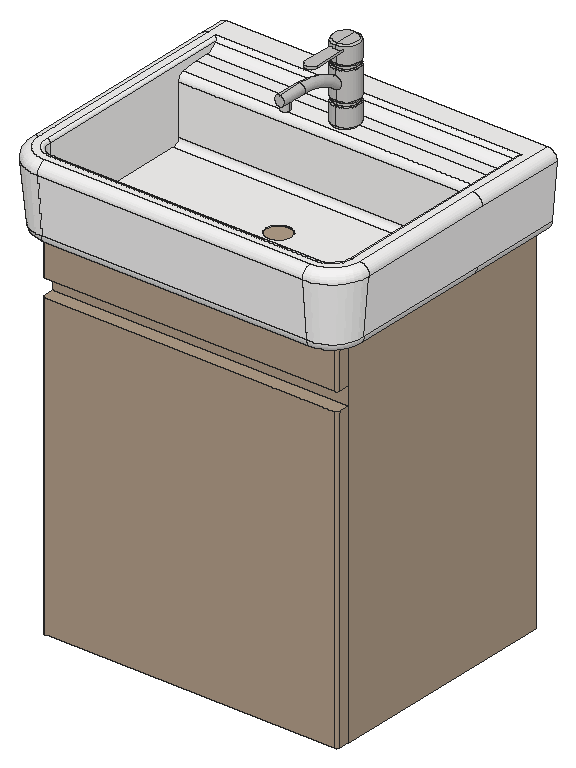
Revit family "CONV_Geberit_StorageUnits_IfoRenovaNr1Plan_55", category Furniture, Revit 2016
Family settings
  OmniClass Number = 23.40.20.21
  OmniClass Title = Toilet and Bath Specialties
  Work Plane-Based = No
  Always vertical = Yes
  Cut with Voids When Loaded = No
  Shared = No
  Room Calculation Point = No
Parameters (values of type "Ifo Renova Nr. 1 Plan Cabinet - 55 cm Elm")
  WashbasinVisibility [instance] = yes
  WarrantyStartDate [instance] = "n/a"
  WarrantyGuarantorParts = "n/a"
  WarrantyGuarantorLabor = "n/a"
  WarrantyDurationUnit = "Year"
  WarrantyDurationParts = "n/a"
  WarrantyDurationLabor = "n/a"
  WarrantyDescription = "n/a"
  VersionDate = "17/04/2018"  # constant formula
  Version = "1"  # constant formula
  Uniclass2015Reference = "Pr_40_30_78_03"
  Uniclass2015Description = "Bathroom cabinets"
  Uniclass2 = "Pr_40_30_78_06"
  URL = "https://www.ifo.se/"
  Type Comments = ""
  TagNumber [instance] = "n/a"
  SustainabilityPerformance = "n/a"
  Style = "n/a"
  Size = "550x440x810 mm"
  Shape = "Rectangular"
  SerialNumber [instance] = "n/a"
  Revision = "n/a"
  ReplacementCost = "n/a"
  ProductURL_SE = "http://www.ifo.se/produkter/mobler/"
  ProductURL_NO = "http://www.ifosanitar.no/produkter/baderomsmbler/"
  ProductURL_DK = "http://www.ifo.dk/produkter/badevrelsesmbler/"
  ProductInformation = "Ifo Renova Nr. 1 plan cabinet in moisture resistant material with soft closing cover that can be right or left mounted. The integrated handle makes the door easy to open. Washbasins are ordered separately."
  NotWashbasin [instance] = not(WashbasinVisibility)  # no
  NominalLength = 550 mm
  NominalHeight = 811.2 mm
  NominalDepth = 440 mm
  Name = "StorageUnits_IfoRenovaNr1Plan_55"
  NBSReference = "45-35-72/318"
  NBSDescription = "Bathroom cabinets"
  ModelReference = "n/a"
  ModelNumber = "44758"
  Material = "Wood, metal"
  ManufacturerURL = "https://www.ifo.se/"
  ManufacturerName = "Ifo (Geberit Group)"
  MainColor = "Wooden"
  InstallationDate [instance] = "n/a"
  ExpiringDate = "12/2018"  # constant formula
  Elevation [instance] = 500 mm
  EANNumber = "7391515443714"
  Description = ""
  Collection = "Ifo Renova"
  Model = "Ifo Renova Nr. 1 Plan Cabinet - 55 cm Elm"
  Manufacturer = "Ifo (Geberit Group)"
  IfcExportType = "CABINET"  # constant formula
  IfcExportAs = "IfcFurnitureType"  # constant formula
  Grade = "n/a"
  Finish = "n/a"
  Features = "n/a"
  ExpectedLife = "n/a"
  DurationUnit = "Year"
  Cost = 0
  ConvergoRefNr = "0132-1802-0008-SE"
  Constituents = "Washbasin sold separately"
  Color = "Wooden"
  CodePerformance = "n/a"
  Category = "Sink Cabinet"
  CabinetTertiaryMaterial = Stainless Steel, Polished
  CabinetSecondaryMaterial = Porcelain, White
  CabinetMainMaterial = Elm
  Brand = "Ifo"
  Barcode [instance] = "n/a"
  BIMObjectName = "CONV_Geberit_StorageUnits_IfoRenovaNr1Plan_55"
  Author = "Convergo AB"  # constant formula
  AssetType = "Fixed"
  AssetIdentifier [instance] = "n/a"
  AccessibilityPerformance = "n/a"
Types (4, lengths in mm): name | ModelNumber | MainColor | EANNumber | Model | Color | CabinetMainMaterial
  (no name) | "44758" | "Wooden" | "7391515443714" | "Ifo Renova Nr. 1 Plan Cabinet - 55 cm Elm" | "Wooden" | Elm
  Ifo Renova Nr. 1 Plan Cabinet - 55 cm White | "44756" | "White" | "7391515443394" | "Ifo Renova Nr. 1 Plan Cabinet - 55 cm White" | "White" | White
  Ifo Renova Nr. 1 Plan Cabinet - 55 cm Grey | "44757" | "Grey" | "7391515443707" | "Ifo Renova Nr. 1 Plan Cabinet - 55 cm Grey" | "Grey" | Grey
  Ifo Renova Nr. 1 Plan Cabinet - 55 cm Elm | "44758" | "Wooden" | "7391515443714" | "Ifo Renova Nr. 1 Plan Cabinet - 55 cm Elm" | "Wooden" | Elm
Reference planes
  plane 1 "Center (Front/Back)": y = 0
  plane 2: z = 0
  plane 3 "Center (Left/Right)": x = 0
  plane 4: z = 500
  plane 5: z = 1311.2
  plane 6: x = -275
  plane 7: x = 275
  plane 8: y = 220
  plane 9: y = -220
Forms (mm)
  Extrusion 1, solid, material "Elm" <- "CabinetMainMaterial", visible <- "WashbasinVisibility", detail levels coarse
    sketch origin (0, 0, 0) x (0, 1, 0) y (0, 0, 1)
      loop
        line (220, 1311.2) -> (-220, 1311.2) -> (-220, 500) -> (220, 500) -> (220, 1311.2)
    from 275 to -275
  Extrusion 2, solid, material "Elm" <- "CabinetMainMaterial", visible <- "NotWashbasin", detail levels coarse
    sketch origin (0, 0, 0) x (1, 0, 0) y (0, 0, 1)
      loop
        line (-240, 1079) -> (-240, 500) -> (240, 500) -> (240, 1079) -> (-240, 1079)
    from 180 to -220
Lines and regions (mm)
  symbolic lines, visible <- "WashbasinVisibility", detail levels medium+fine
    curve 1: line (0, 220, 1198.983) -> (0, 153.259, 1198.983)
    curve 2: arc (0, -214.733, 1198.983) -> (0, -218.457, 1197.441) -> (0, -220, 1193.716) r 5.267
    curve 3: arc (0, -220, 1193.716) -> (0, -217.19, 1137.68) -> (0, -208.788, 1082.206) r 560.115
    curve 4: arc (0, -208.788, 1082.206) -> (0, -207.429, 1079.929) -> (0, -204.946, 1079) r 4.004
    curve 5: line (0, -204.946, 1079) -> (0, -178, 1079)
    curve 6: line (0, 220, 1198.983) -> (0, 220, 1079)
    curve 18: line (-269.469, 0, 1200.722) -> (-21.001, 0, 1200.722)
    curve 19: arc (-271.054, 0, 1200.631) -> (-270.263, 0, 1200.699) -> (-269.469, 0, 1200.722) r 13.8
    curve 20: arc (-275.546, 0, 1195.426) -> (-274.361, 0, 1198.944) -> (-271.054, 0, 1200.631) r 4.917
    curve 21: arc (-265.662, 0, 1083.394) -> (-271.325, 0, 1139.346) -> (-275.546, 0, 1195.426) r 2186.171
    curve 22: arc (-261.166, 0, 1079) -> (-264.229, 0, 1080.363) -> (-265.662, 0, 1083.394) r 4.82
    curve 23: line (-261.166, 0, 1079) -> (-240, 0, 1079)
    curve 26: line (-266.074, 218.891, 0) -> (0, 218.891, 0)
    curve 27: arc (-266.074, 218.891, 0) -> (-271.514, 48.845, 0) -> (-270.087, -121.282, 0) r 4215.207
    curve 28: arc (-229.313, -212.269, 0) -> (-218.633, -214.609, 0) -> (-207.766, -215.807, 0) r 103.39
    curve 39: line (0, 150.851, 1311.2) -> (0, 113.651, 1311.2)
    curve 40: line (0, 150.851, 1311.2) -> (0, 153.251, 1308.8)
    curve 41: line (0, 153.251, 1308.8) -> (0, 153.251, 1282.252)
    curve 42: line (0, 113.651, 1311.2) -> (0, 111.251, 1308.8)
    curve 43: line (0, 111.251, 1308.8) -> (0, 111.251, 1303.955)
    curve 47: line (0, 111.251, 1300.955) -> (0, 111.251, 1282.252)
    curve 48: line (0, 111.251, 1303.955) -> (0, 52.197, 1303.955)
    curve 49: line (0, 52.197, 1303.955) -> (0, 52.197, 1300.955)
    curve 50: line (0, 52.197, 1300.955) -> (0, 111.251, 1300.955)
    curve 51: line (0, 45.868, 1256.325) -> (0, 45.868, 1249.325)
    curve 52: line (0, 45.868, 1249.325) -> (0, 31.875, 1249.325)
    curve 53: line (0, 31.875, 1249.325) -> (0, 31.875, 1256.325)
    curve 54: line (0, 31.875, 1256.325) -> (0, 23.796, 1256.325)
    curve 55: line (0, 23.796, 1256.325) -> (0, 23.796, 1272.325)
    curve 56: line (0, 23.796, 1272.325) -> (0, 64.727, 1272.325)
    curve 57: arc (0, 64.727, 1272.325) -> (0, 88.54, 1269.748) -> (0, 111.251, 1262.137) r 111.325
    curve 58: line (0, 45.868, 1256.325) -> (0, 64.931, 1256.325)
    curve 59: arc (0, 64.931, 1256.325) -> (0, 88.859, 1253.269) -> (0, 111.251, 1244.296) r 95.194
    curve 62: line (0, 111.251, 1262.137) -> (0, 111.251, 1274.212)
    curve 63: line (0, 152.27, 1275.212) -> (0, 151.005, 1275.212)
    curve 64: line (0, 152.251, 1281.252) -> (0, 151.005, 1281.252)
    curve 65: arc (0, 153.251, 1282.252) -> (0, 152.958, 1281.545) -> (0, 152.251, 1281.252) r 1
    curve 66: line (0, 153.27, 1274.212) -> (0, 153.27, 1228.203)
    curve 67: line (0, 153.259, 1198.983) -> (0, 153.259, 1220.218)
    curve 68: line (0, 152.259, 1221.218) -> (0, 151.036, 1221.218)
    curve 69: line (0, 111.283, 1198.983) -> (0, 111.283, 1220.218)
    curve 70: arc (0, 153.259, 1220.218) -> (0, 152.966, 1220.925) -> (0, 152.259, 1221.218) r 1
    curve 71: arc (0, 112.283, 1221.218) -> (0, 111.576, 1220.925) -> (0, 111.283, 1220.218) r 1
    curve 72: arc (0, 153.27, 1274.212) -> (0, 152.977, 1274.919) -> (0, 152.27, 1275.212) r 1
    curve 73: arc (0, 111.251, 1274.212) -> (0, 111.543, 1274.919) -> (0, 112.251, 1275.212) r 1
    curve 74: arc (0, 112.251, 1281.252) -> (0, 111.543, 1281.545) -> (0, 111.251, 1282.252) r 1
    curve 75: line (0, 111.251, 1244.296) -> (0, 111.251, 1228.203)
    curve 76: line (0, 112.251, 1227.203) -> (0, 113.603, 1227.203)
    curve 77: arc (0, 112.251, 1227.203) -> (0, 111.543, 1227.496) -> (0, 111.251, 1228.203) r 1
    curve 78: arc (0, 152.27, 1227.203) -> (0, 152.977, 1227.496) -> (0, 153.27, 1228.203) r 1
    curve 79: line (0, 151.036, 1227.203) -> (0, 151.036, 1221.218)
    curve 80: line (0, 113.603, 1227.203) -> (0, 113.603, 1221.218)
    curve 81: line (0, 151.005, 1281.252) -> (0, 151.005, 1275.212)
    curve 82: line (0, 113.655, 1281.252) -> (0, 113.655, 1275.212)
    curve 84: line (0, 113.655, 1281.252) -> (0, 112.251, 1281.252)
    curve 86: line (0, 113.655, 1275.212) -> (0, 112.251, 1275.212)
    curve 88: line (0, 151.036, 1227.203) -> (0, 152.27, 1227.203)
    curve 90: line (0, 113.603, 1221.218) -> (0, 112.283, 1221.218)
    curve 92: line (0, 111.283, 1198.983) -> (0, -214.733, 1198.983)
    curve 94: line (-18.6, 0, 1311.213) -> (-21, 0, 1308.813)
    curve 96: line (-21, 0, 1308.813) -> (-21, 0, 1282.25)
    curve 97: line (-20, 0, 1281.25) -> (-18.68, 0, 1281.25)
    curve 98: line (-21.01, 0, 1274.298) -> (-21.01, 0, 1228.24)
    curve 99: line (-20.01, 0, 1227.24) -> (-18.645, 0, 1227.24)
    curve 100: line (-20.001, 0, 1221.269) -> (-18.645, 0, 1221.269)
    curve 101: line (-21.001, 0, 1220.269) -> (-21.001, 0, 1200.722)
    curve 102: arc (-21.001, 0, 1220.269) -> (-20.709, 0, 1220.976) -> (-20.001, 0, 1221.269) r 1
    curve 103: arc (-20.01, 0, 1227.24) -> (-20.717, 0, 1227.533) -> (-21.01, 0, 1228.24) r 1
    curve 104: arc (-21.01, 0, 1274.298) -> (-20.717, 0, 1275.005) -> (-20.01, 0, 1275.298) r 1
    curve 105: arc (-20, 0, 1281.25) -> (-20.707, 0, 1281.543) -> (-21, 0, 1282.25) r 1
    curve 108: line (-18.645, 0, 1227.24) -> (-18.645, 0, 1221.269)
    curve 109: line (-18.68, 0, 1281.25) -> (-18.68, 0, 1275.298)
    curve 110: line (-18.68, 0, 1275.298) -> (-20.01, 0, 1275.298)
    curve 127: line (-18.6, 0, 1311.213) -> (18.6, 0, 1311.213)
    curve 128: arc (271.054, 0, 1200.631) -> (270.263, 0, 1200.699) -> (269.469, 0, 1200.722) r 13.8
    curve 129: arc (275.546, 0, 1195.426) -> (274.361, 0, 1198.944) -> (271.054, 0, 1200.631) r 4.917
    curve 130: arc (265.662, 0, 1083.394) -> (271.325, 0, 1139.346) -> (275.546, 0, 1195.426) r 2186.171
    curve 131: arc (261.166, 0, 1079) -> (264.229, 0, 1080.363) -> (265.662, 0, 1083.394) r 4.82
    curve 132: line (261.166, 0, 1079) -> (240, 0, 1079)
    curve 136: line (18.6, 0, 1311.213) -> (21, 0, 1308.813)
    curve 138: line (21, 0, 1308.813) -> (21, 0, 1282.25)
    curve 139: line (20, 0, 1281.25) -> (18.68, 0, 1281.25)
    curve 140: line (21.01, 0, 1274.298) -> (21.01, 0, 1228.24)
    curve 141: line (20.01, 0, 1227.24) -> (18.645, 0, 1227.24)
    curve 142: line (20.001, 0, 1221.269) -> (18.645, 0, 1221.269)
    curve 143: line (21.001, 0, 1220.269) -> (21.001, 0, 1200.722)
    curve 144: arc (21.001, 0, 1220.269) -> (20.709, 0, 1220.976) -> (20.001, 0, 1221.269) r 1
    curve 145: arc (20.01, 0, 1227.24) -> (20.717, 0, 1227.533) -> (21.01, 0, 1228.24) r 1
    curve 146: arc (21.01, 0, 1274.298) -> (20.717, 0, 1275.005) -> (20.01, 0, 1275.298) r 1
    curve 147: arc (20, 0, 1281.25) -> (20.707, 0, 1281.543) -> (21, 0, 1282.25) r 1
    curve 150: line (18.645, 0, 1227.24) -> (18.645, 0, 1221.269)
    curve 151: line (18.68, 0, 1281.25) -> (18.68, 0, 1275.298)
    curve 152: line (18.68, 0, 1275.298) -> (20.01, 0, 1275.298)
    curve 153: arc (-207.766, -215.807, 0) -> (0.018, -221.161, 0) -> (207.797, -215.629, 0) r 3968.677
    curve 162: line (21.001, 0, 1200.722) -> (269.469, 0, 1200.722)
    curve 171: arc (-262.768, -178.807, 0) -> (-250.464, -199.96, 0) -> (-229.313, -212.269, 0) r 47.871
    curve 172: arc (-270.087, -121.282, 0) -> (-268.47, -150.304, 0) -> (-262.768, -178.807, 0) r 205.151
    curve 173: line (266.074, 218.891, 0) -> (0, 218.891, 0)
    curve 174: arc (266.074, 218.891, 0) -> (271.514, 48.845, 0) -> (270.087, -121.282, 0) r 4215.207
    curve 192: arc (262.768, -178.807, 0) -> (250.464, -199.96, 0) -> (229.313, -212.269, 0) r 47.871
    curve 193: arc (270.087, -121.282, 0) -> (268.47, -150.304, 0) -> (262.768, -178.807, 0) r 205.151
    curve 194: arc (207.797, -215.629, 0) -> (218.641, -214.499, 0) -> (229.313, -212.269, 0) r 106.811
  symbolic lines, detail levels medium+fine
    curve 7: line (0, 220, 500) -> (0, -157, 500)
    curve 8: line (0, -157, 989) -> (0, -178, 989)
    curve 10: line (0, -157, 1019) -> (0, -178, 1019)
    curve 11: line (0, -180, 1077) -> (0, -180, 1021)
    curve 12: arc (0, -180, 1021) -> (0, -179.414, 1019.586) -> (0, -178, 1019) r 2
    curve 13: arc (0, -178, 1079) -> (0, -179.414, 1078.414) -> (0, -180, 1077) r 2
    curve 14: line (0, -180, 987) -> (0, -180, 502)
    curve 15: line (0, -157, 500) -> (0, -178, 500)
    curve 16: arc (0, -178, 500) -> (0, -179.414, 500.586) -> (0, -180, 502) r 2
    curve 17: arc (0, -178, 989) -> (0, -179.414, 988.414) -> (0, -180, 987) r 2
    curve 24: line (-240, 0, 1079) -> (-240, 0, 502)
    curve 118: line (0, 220, 1079) -> (0, 220, 500)
    curve 133: line (240, 0, 1079) -> (240, 0, 502)
    curve 160: line (0, -157, 989) -> (0, -157, 1019)
    curve 167: line (-238, 0, 500) -> (238, 0, 500)
    curve 169: arc (238, 0, 500) -> (239.414, 0, 500.586) -> (240, 0, 502) r 2
    curve 170: arc (-238, 0, 500) -> (-239.414, 0, 500.586) -> (-240, 0, 502) r 2
  symbolic lines, visible <- "NotWashbasin", detail levels medium+fine
    curve 9: line (0, -157, 1079) -> (0, -178, 1079)
    curve 93: line (0, 220, 1079) -> (0, -157, 1079)
    curve 114: line (-240, 218.891, 0) -> (0, 218.891, 0)
    curve 154: line (-240, 218.891, 0) -> (-240, -157, 0)
    curve 155: line (-240, -157, 0) -> (-240, -175, 0)
    curve 156: line (-235, -180, 0) -> (0, -180, 0)
    curve 157: arc (-240, -175, 0) -> (-238.536, -178.536, 0) -> (-235, -180, 0) r 5
    curve 185: line (240, 218.891, 0) -> (0, 218.891, 0)
    curve 187: line (240, 218.891, 0) -> (240, -157, 0)
    curve 188: line (240, -157, 0) -> (240, -175, 0)
    curve 189: line (235, -180, 0) -> (0, -180, 0)
    curve 190: arc (240, -175, 0) -> (238.536, -178.536, 0) -> (235, -180, 0) r 5
  symbolic lines, detail levels fine
    curve 25: line (-220, 0, 1019) -> (-220, 0, 989)
    curve 38: line (0, -157, 500) -> (0, -157, 989)
    curve 134: line (220, 0, 1019) -> (220, 0, 989)
    curve 135: arc (240, 0, 1076.537) -> (239.279, 0, 1078.279) -> (237.537, 0, 1079) r 2.463
    curve 159: line (0, -157, 1019) -> (0, -157, 1079)
    curve 163: line (-240, 0, 1079) -> (240, 0, 1079)
    curve 165: line (-240, 0, 1019) -> (240, 0, 1019)
    curve 166: line (-240, 0, 989) -> (240, 0, 989)
    curve 168: line (0, -178, 1079) -> (0, -157, 1079)
  symbolic lines, visible <- "WashbasinVisibility", detail levels fine
    curve 29: line (-242.588, 78.127, 0) -> (-242.588, -164.65, 0)
    curve 30: arc (-242.588, -164.65, 0) -> (-235.87, -180.87, 0) -> (-219.65, -187.588, 0) r 22.938
    curve 31: arc (-220.715, 100, 0) -> (-236.181, 93.593, 0) -> (-242.588, 78.127, 0) r 21.873
    curve 32: circle (0, 0, 0) r 22.816 normal (0, 0, 1)
    curve 33: line (-217.478, 183.165, 0) -> (0, 183.165, 0)
    curve 34: arc (-242.644, 157.999, 0) -> (-235.273, 175.794, 0) -> (-217.478, 183.165, 0) r 25.167
    curve 35: line (-242.644, 157.999, 0) -> (-242.644, 82.319, 0)
    curve 36: arc (-242.644, 82.319, 0) -> (-242.619, 80.935, 0) -> (-242.541, 79.553, 0) r 37.209
    curve 37: line (0, -157, 1079) -> (0, 220, 1079)
    curve 44: line (0, 111.251, 1303.955) -> (0, 113.784, 1303.955)
    curve 45: line (0, 113.784, 1303.955) -> (0, 113.784, 1300.955)
    curve 46: line (0, 113.784, 1300.955) -> (0, 111.251, 1300.955)
    curve 60: arc (0, 111.251, 1262.137) -> (0, 112.923, 1253.217) -> (0, 111.251, 1244.296) r 24.624
    curve 61: arc (0, 45.868, 1256.325) -> (0, 38.871, 1260.325) -> (0, 31.875, 1256.325) r 8.118
    curve 83: line (0, 151.005, 1281.252) -> (0, 113.655, 1281.252)
    curve 85: line (0, 151.005, 1275.212) -> (0, 113.655, 1275.212)
    curve 87: line (0, 113.603, 1227.203) -> (0, 151.036, 1227.203)
    curve 89: line (0, 151.036, 1221.218) -> (0, 113.603, 1221.218)
    curve 91: line (0, 153.259, 1198.983) -> (0, 111.283, 1198.983)
    curve 95: line (-10, 0, 1303.969) -> (-10, 0, 1300.969)
    curve 106: arc (0, 0, 1272.338) -> (-8, 0, 1264.338) -> (0, 0, 1256.338) r 8
    curve 107: line (-6.996, 0, 1249.338) -> (-6.996, 0, 1260.459)
    curve 111: arc (0, 153.251, 0) -> (-21, 132.251, 0) -> (0, 111.251, 0) r 21
    curve 112: line (-7.995, 112.832, 0) -> (-7.995, 79.653, 0)
    curve 113: arc (-7.995, 79.653, 0) -> (-5.655, 73.989, 0) -> (0, 71.629, 0) r 8.024
    curve 115: line (-219.65, -187.588, 0) -> (219.65, -187.588, 0)
    curve 116: line (-220.715, 100, 0) -> (-7.995, 100, 0)
    curve 117: line (0, 153.251, 1308.8) -> (0, 111.251, 1308.8)
    curve 119: line (-18.68, 0, 1281.25) -> (18.68, 0, 1281.25)
    curve 120: line (-18.645, 0, 1221.269) -> (18.645, 0, 1221.269)
    curve 121: line (-18.645, 0, 1227.24) -> (18.645, 0, 1227.24)
    curve 122: line (-6.996, 0, 1249.338) -> (6.996, 0, 1249.338)
    curve 123: line (-18.68, 0, 1275.298) -> (18.68, 0, 1275.298)
    curve 124: line (-10, 0, 1300.969) -> (10, 0, 1300.969)
    curve 125: line (-10, 0, 1303.969) -> (10, 0, 1303.969)
    curve 126: line (-21, 0, 1308.813) -> (21, 0, 1308.813)
    curve 137: line (10, 0, 1303.969) -> (10, 0, 1300.969)
    curve 148: arc (0, 0, 1272.338) -> (8, 0, 1264.338) -> (0, 0, 1256.338) r 8
    curve 149: line (6.996, 0, 1249.338) -> (6.996, 0, 1260.459)
    curve 161: line (-21.001, 0, 1200.722) -> (21.001, 0, 1200.722)
    curve 175: line (242.588, 78.127, 0) -> (242.588, -164.65, 0)
    curve 176: arc (242.588, -164.65, 0) -> (235.87, -180.87, 0) -> (219.65, -187.588, 0) r 22.938
    curve 177: arc (220.715, 100, 0) -> (236.181, 93.593, 0) -> (242.588, 78.127, 0) r 21.873
    curve 178: line (217.478, 183.165, 0) -> (0, 183.165, 0)
    curve 179: arc (242.644, 157.999, 0) -> (235.273, 175.794, 0) -> (217.478, 183.165, 0) r 25.167
    curve 180: line (242.644, 157.999, 0) -> (242.644, 82.319, 0)
    curve 181: arc (242.644, 82.319, 0) -> (242.619, 80.935, 0) -> (242.541, 79.553, 0) r 37.209
    curve 182: arc (0, 153.251, 0) -> (21, 132.251, 0) -> (0, 111.251, 0) r 21
    curve 183: line (7.995, 112.832, 0) -> (7.995, 79.653, 0)
    curve 184: arc (7.995, 79.653, 0) -> (5.655, 73.989, 0) -> (0, 71.629, 0) r 8.024
    curve 186: line (220.715, 100, 0) -> (7.995, 100, 0)
  symbolic lines, visible <- "NotWashbasin", detail levels fine
    curve 158: line (-240, -157, 0) -> (0, -157, 0)
    curve 191: line (240, -157, 0) -> (0, -157, 0)
  symbolic lines, visible <- "NotWashbasin", detail levels medium
    curve 164: line (-240, 0, 1079) -> (240, 0, 1079)
Dimensions and locks
  "Elevation": plane 4 to level
  equal spacing: plane 6, plane 3 "Center (Left/Right)", plane 7
  "NominalLength": plane 6 to plane 7
  equal spacing: plane 8, plane 1 "Center (Front/Back)", plane 9
  "NominalDepth": plane 8 to plane 9
  "NominalHeight": plane 4 to plane 5
  aligned and locked: level to plane 2
  aligned and locked: nested 1 to plane 4
  aligned and locked: Extrusion 1 sketch curve to plane 4
  aligned and locked: Extrusion 1 to plane 5
  aligned and locked: Extrusion 1 to plane 4  (x4)
  aligned and locked: curve 7 to plane 4
  aligned and locked: curve 15 to plane 4
  aligned and locked: plane 8 to Extrusion 1
  aligned and locked: plane 8 to curve 6
  aligned and locked: Extrusion 1 to plane 9
  aligned and locked: Extrusion 1 to plane 6
  aligned and locked: plane 7 to Extrusion 1
  aligned and locked: nested 2 to plane 8
  aligned and locked: Extrusion 2 sketch curve to nested 1  (x3)
  aligned and locked: Extrusion 2 to curve 93
Automatic sketch dimensions
  Extrusion 1 sketch curve to plane 5 = 0 mm
  Extrusion 1 sketch curve to plane 9 = 0 mm
  Extrusion 1 sketch curve to plane 8 = 0 mm
  curve 114 to plane 3 "Center (Left/Right)" = 0 mm
  curve 184 to plane 3 "Center (Left/Right)" = 0 mm
  curve 178 to plane 3 "Center (Left/Right)" = 0 mm
  curve 156 to plane 3 "Center (Left/Right)" = 0 mm
  curve 158 to plane 3 "Center (Left/Right)" = 0 mm
  curve 111 to plane 3 "Center (Left/Right)" = 0 mm
  plane 1 "Center (Front/Back)" to curve 32 = 0 mm
  curve 32 to plane 3 "Center (Left/Right)" = 0 mm
  curve 184 to plane 3 "Center (Left/Right)" = 0.029 mm
  curve 153 to plane 3 "Center (Left/Right)" = 1.684 mm
  curve 112 to curve 184 = 7.966 mm
  curve 172 to plane 3 "Center (Left/Right)" = 64.959 mm
  plane 6 to curve 28 = 73.121 mm
  plane 6 to curve 36 = 69.564 mm
  curve 171 to curve 28 = 14.732 mm
  curve 33 to plane 8 = 36.835 mm
  plane 6 to curve 33 = 57.522 mm
  curve 115 to curve 171 = 3.039 mm
  curve 116 to curve 36 = 15.279 mm
  curve 157 to curve 171 = 18.389 mm
  curve 155 to curve 157 = 5 mm
  curve 29 to curve 30 = 22.938 mm
  curve 35 to curve 34 = 25.167 mm
  curve 26 to plane 8 = 1.109 mm
  plane 6 to curve 26 = 8.926 mm
  plane 1 "Center (Front/Back)" to curve 174 = 0.872 mm
  curve 174 to plane 6 = 3668.4 mm
  plane 3 "Center (Left/Right)" to curve 113 = 0.029 mm
  curve 113 to curve 183 = 7.966 mm
  plane 3 "Center (Left/Right)" to curve 193 = 64.959 mm
  curve 194 to plane 7 = 72.841 mm
  curve 181 to plane 7 = 69.564 mm
  curve 192 to plane 7 = 58.389 mm
  curve 178 to plane 7 = 57.522 mm
  curve 194 to curve 176 = 17.49 mm
  curve 181 to curve 177 = 15.279 mm
  curve 192 to curve 190 = 18.389 mm
  curve 190 to curve 191 = 5 mm
  curve 177 to curve 175 = 21.873 mm
  curve 175 to curve 180 = 0.056 mm
  curve 173 to plane 7 = 8.926 mm
  plane 1 "Center (Front/Back)" to curve 27 = 0.872 mm
  plane 7 to curve 27 = 3668.4 mm
  plane 9 to curve 28 = 107.415 mm
  plane 9 to curve 193 = 95.588 mm
  plane 9 to curve 172 = 95.588 mm
  curve 176 to curve 194 = 55.683 mm
  curve 115 to curve 158 = 30.588 mm
  curve 115 to curve 171 = 21.474 mm
  curve 115 to curve 192 = 21.474 mm
  curve 190 to curve 187 = 18 mm
  curve 31 to plane 1 "Center (Front/Back)" = 78.127 mm
  curve 177 to plane 1 "Center (Front/Back)" = 78.127 mm
  curve 113 to curve 186 = 20.347 mm
  curve 31 to curve 36 = 4.193 mm
  curve 175 to curve 180 = 4.193 mm
  curve 116 to curve 111 = 32.251 mm
  plane 9 to curve 28 = 4.193 mm
  curve 156 to curve 28 = 27.234 mm
  curve 171 to curve 28 = 0 mm
  curve 172 to curve 171 = 0 mm
  plane 9 to curve 153 = 4.371 mm
  curve 194 to curve 153 = 0 mm
  plane 9 to curve 192 = 7.731 mm
  curve 194 to curve 192 = 21.516 mm
  curve 193 to curve 192 = 0 mm
  curve 116 to curve 182 = 11.251 mm
  curve 106 to curve 148 = 0 mm  (x2)
  curve 170 to plane 4 = 0 mm
  curve 148 to plane 3 "Center (Left/Right)" = 0 mm
  curve 107 to plane 3 "Center (Left/Right)" = 6.996 mm
  curve 125 to plane 3 "Center (Left/Right)" = 10 mm
  curve 94 to plane 5 = 0.013 mm
  curve 94 to curve 95 = 8.6 mm
  curve 108 to plane 3 "Center (Left/Right)" = 18.645 mm
  curve 109 to plane 3 "Center (Left/Right)" = 18.68 mm
  curve 105 to curve 97 = 1.32 mm
  curve 102 to curve 100 = 1.356 mm
  curve 99 to curve 99 = 1.364 mm
  curve 110 to curve 109 = 1.329 mm
  plane 5 to curve 94 = 2.387 mm
  curve 94 to curve 94 = 2.4 mm
  curve 101 to curve 102 = 1 mm
  curve 98 to curve 103 = 1 mm
  plane 6 to curve 167 = 37 mm
  plane 6 to curve 23 = 35 mm
  plane 6 to curve 22 = 14.139 mm
  curve 23 to curve 22 = 0.305 mm
  plane 6 to curve 18 = 5.531 mm
  plane 6 to curve 20 = 4.361 mm
  curve 130 to plane 5 = 20.264 mm
  curve 130 to plane 6 = 1631.388 mm
  plane 3 "Center (Left/Right)" to curve 149 = 6.996 mm
  plane 3 "Center (Left/Right)" to curve 125 = 10 mm
  curve 125 to curve 127 = 8.6 mm
  plane 3 "Center (Left/Right)" to curve 121 = 18.645 mm
  plane 3 "Center (Left/Right)" to curve 151 = 18.68 mm
  curve 119 to curve 139 = 1.32 mm
  curve 120 to curve 142 = 1.356 mm
  curve 123 to curve 146 = 1.329 mm
  curve 121 to curve 141 = 1.364 mm
  curve 127 to curve 126 = 2.4 mm
  curve 144 to curve 143 = 1 mm
  curve 145 to curve 140 = 1 mm
  curve 135 to plane 7 = 37.463 mm
  plane 4 to curve 169 = 2 mm
  curve 169 to plane 7 = 37 mm
  curve 131 to plane 7 = 14.139 mm
  curve 131 to curve 132 = 0.305 mm
  curve 128 to plane 7 = 5.531 mm
  curve 129 to plane 7 = 4.361 mm
  curve 21 to plane 5 = 20.264 mm
  plane 7 to curve 21 = 1631.388 mm
  plane 5 to curve 135 = 234.663 mm
  curve 22 to curve 22 = 4.81 mm
  curve 131 to curve 131 = 4.81 mm
  curve 22 to curve 19 = 103.112 mm
  curve 131 to curve 128 = 103.112 mm
  curve 128 to curve 129 = 8.81 mm
  curve 19 to curve 20 = 8.81 mm
  curve 20 to curve 18 = 4.991 mm
  curve 143 to curve 144 = 19.547 mm
  curve 100 to curve 108 = 5.971 mm
  curve 145 to curve 122 = 21.098 mm
  curve 107 to curve 148 = 15 mm
  curve 106 to curve 140 = 9.96 mm
  curve 123 to curve 139 = 5.951 mm
  plane 5 to curve 124 = 10.231 mm
  curve 95 to curve 125 = 3 mm
  curve 166 to curve 25 = 20 mm
  curve 21 to curve 22 = 4.802 mm
  curve 19 to curve 19 = 1.585 mm
  curve 134 to curve 165 = 20 mm
  curve 131 to curve 131 = 4.802 mm
  curve 128 to curve 128 = 1.585 mm
  curve 134 to curve 135 = 87.537 mm
  curve 166 to curve 165 = 30 mm
  curve 148 to curve 106 = 8 mm
  curve 2 to plane 9 = 0 mm
  curve 3 to plane 9 = 0 mm
  plane 5 to curve 39 = 0 mm
  plane 9 to curve 2 = 5.267 mm
  plane 9 to curve 5 = 15.054 mm
  curve 4 to curve 4 = 0.082 mm
  plane 4 to curve 14 = 2 mm
  plane 9 to curve 14 = 40 mm
  curve 11 to curve 14 = 0 mm
  curve 17 to curve 8 = 2 mm
  curve 11 to curve 168 = 2 mm
  curve 12 to curve 10 = 2 mm
  curve 12 to curve 160 = 21 mm
  curve 55 to plane 1 "Center (Front/Back)" = 23.796 mm
  curve 54 to curve 52 = 8.079 mm
  curve 52 to curve 61 = 6.996 mm
  curve 61 to curve 51 = 6.996 mm
  plane 5 to curve 50 = 10.245 mm
  curve 55 to curve 50 = 28.401 mm
  curve 51 to curve 56 = 18.859 mm
  curve 57 to curve 59 = 0.204 mm
  curve 59 to curve 60 = 23.369 mm
  plane 5 to curve 44 = 7.245 mm
  curve 60 to curve 44 = 22.951 mm
  curve 62 to curve 43 = 0 mm
  curve 75 to curve 62 = 0 mm
  curve 46 to curve 43 = 0 mm
  curve 75 to curve 69 = 0.032 mm
  curve 62 to curve 73 = 1 mm
  curve 47 to curve 84 = 1 mm
  curve 75 to curve 76 = 1 mm
  curve 69 to curve 90 = 1 mm
  curve 76 to curve 76 = 1.352 mm
  curve 42 to curve 39 = 2.4 mm
  curve 74 to curve 83 = 1.404 mm
  curve 43 to curve 45 = 2.534 mm
  curve 39 to curve 39 = 37.2 mm
  curve 39 to curve 64 = 0.155 mm
  curve 76 to curve 79 = 37.433 mm
  curve 64 to curve 65 = 1.245 mm
  curve 68 to curve 70 = 1.223 mm
  curve 79 to curve 78 = 1.234 mm
  curve 63 to curve 72 = 1.265 mm
  plane 5 to curve 40 = 2.4 mm
  curve 39 to curve 40 = 2.4 mm
  curve 70 to curve 67 = 1 mm
  curve 72 to curve 66 = 1 mm
  plane 8 to curve 3 = 120.115 mm
  curve 8 to curve 159 = 30 mm
  curve 11 to curve 11 = 56 mm
  curve 4 to curve 4 = 4.003 mm
  curve 57 to curve 49 = 139.955 mm
  curve 57 to curve 59 = 0.13 mm
  curve 4 to curve 2 = 110.713 mm
  curve 1 to curve 70 = 21.234 mm
  curve 68 to curve 79 = 5.985 mm
  curve 75 to curve 75 = 16.093 mm
  curve 51 to curve 61 = 7 mm
  curve 51 to curve 61 = 2.882 mm
  curve 60 to curve 59 = 3.108 mm
  curve 57 to curve 73 = 12.075 mm
  curve 73 to curve 84 = 6.04 mm
  plane 5 to Extrusion 2 sketch curve = 232.2 mm
  radius of curve 32 = 22.816 mm
Nested families
  nested 1: "ifo_renova_cabinet_55" at (0, 20, 500), CabinetMaterial <- "CabinetMainMaterial", type "ifo_renova_cabinet_55", detail levels medium+fine
    with CabinetMaterial Elm
  nested 2: "ifo_sink_55" at (0, 0, 1086), FaucetMaterial <- "CabinetTertiaryMaterial", WashbasinMaterial <- "CabinetSecondaryMaterial", visible <- "WashbasinVisibility", type "ifo_sink_55", detail levels medium+fine
    with WashbasinMaterial Porcelain, White, SinkWidth 550 mm, FaucetMaterial Stainless Steel, Polished
Definition of nested family "ifo_renova_cabinet_55"
  Parameters (values of type "ifo_renova_cabinet_55")
    Width = 480 mm
    CabinetMaterial [instance] = none
  Reference planes
    plane 1 "Center (Front/Back)": y = 0
    plane 2: z = 0
    plane 3 "Center (Left/Right)": x = 0
    plane 4: x = -240
    plane 5: x = 240
    plane 6: z = 586
    plane 7: y = 200
    plane 8: y = -200
  Forms (mm)
    Extrusion 1, solid, material <- "CabinetMaterial"
      sketch origin (0, 11, 0) x (1, 0, 0) y (0, 1, 0)
        loop
          line (-240, 189) -> (-240, -188) -> (240, -188) -> (240, 189) -> (-240, 189)
      from 0 to 586
    Extrusion 2, solid, material <- "CabinetMaterial"
      sketch origin (0, -16.5, 0) x (1, 0, 0) y (0, 0, 1)
        loop
          line (-239.5, 1) -> (239.5, 1) -> (239.5, 489) -> (-239.5, 489) -> (-239.5, 1)
      from 160.5 to 183.5
    Extrusion 3, solid, material <- "CabinetMaterial"
      sketch origin (0, 12, 0) x (1, 0, 0) y (0, 0, 1)
        loop
          line (-239.5, 579) -> (-239.5, 519) -> (239.5, 519) -> (239.5, 579) -> (-239.5, 579)
      from 189 to 212
    Extrusion 4, void
      sketch origin (0, 0, 0) x (1, 0, 0) y (0, 1, 0)
        loop
          line (-239.5, -190.548) -> (-246.542, -190.548) -> (-246.542, -205.548) -> (-230.94, -205.548) -> (-230.94, -200) -> (-234.5, -200)
          arc (-234.5, -200) -> (-238.036, -198.536) -> (-239.5, -195) r 5
          line (-239.5, -195) -> (-239.5, -190.548)
        loop
          arc (239.5, -195) -> (238.036, -198.536) -> (234.5, -200) r 5
          line (234.5, -200) -> (230.876, -200) -> (230.876, -204.494) -> (245.305, -204.494) -> (245.305, -191.041) -> (239.5, -191.041) -> (239.5, -195)
      from 0 to 659.383
  Cuts and joins
    Extrusion 4 cuts Extrusion 2
    Extrusion 4 cuts Extrusion 3
  Dimensions and locks
    "Width": plane 4 to plane 5
    plane 6 to level = 586 mm
    equal spacing: plane 7, plane 1 "Center (Front/Back)", plane 8
    plane 7 to plane 8 = 400 mm
    Extrusion 1 to Extrusion 2 = 489 mm
    equal spacing: plane 4, plane 3 "Center (Left/Right)", plane 5
    aligned and locked: level to plane 2
    aligned and locked: plane 4 to Extrusion 1 sketch curve
    aligned and locked: Extrusion 1 sketch curve to plane 5
    aligned and locked: plane 6 to Extrusion 1
    aligned and locked: plane 7 to Extrusion 1
  Automatic sketch dimensions
    level to Extrusion 2 sketch curve = 1 mm
    Extrusion 2 sketch curve to plane 6 = 97 mm
    plane 4 to Extrusion 2 sketch curve = 0.5 mm
    Extrusion 2 sketch curve to plane 5 = 0.5 mm
    plane 4 to Extrusion 3 sketch curve = 0.5 mm
    Extrusion 3 sketch curve to plane 5 = 0.5 mm
    Extrusion 3 sketch curve to plane 6 = 7 mm
    Extrusion 3 sketch curve to Extrusion 3 sketch curve = 60 mm
    Extrusion 1 sketch curve to plane 1 "Center (Front/Back)" = 200 mm
    plane 1 "Center (Front/Back)" to Extrusion 1 sketch curve = 177 mm
    Extrusion 4 sketch curve to plane 8 = 0 mm  (x2)
    Extrusion 4 sketch curve to plane 4 = 6.542 mm
    plane 4 to Extrusion 4 sketch curve = 0.5 mm
    plane 8 to Extrusion 4 sketch curve = 5 mm
    Extrusion 4 sketch curve to Extrusion 4 sketch curve = 3.56 mm
    Extrusion 4 sketch curve to plane 5 = 5.5 mm
    Extrusion 4 sketch curve to plane 5 = 0.5 mm
    plane 5 to Extrusion 4 sketch curve = 5.305 mm
    Extrusion 4 sketch curve to plane 8 = 4.494 mm
    Extrusion 4 sketch curve to plane 8 = 5.548 mm
    Extrusion 4 sketch curve to Extrusion 4 sketch curve = 3.959 mm
    Extrusion 4 sketch curve to Extrusion 4 sketch curve = 4.452 mm
    Extrusion 4 sketch curve to Extrusion 4 sketch curve = 3.624 mm
Definition of nested family "ifo_sink_55"
  Parameters (values of type "ifo_sink_55")
    WashbasinMaterial [instance] = none
    SinkWidth [instance] = 550 mm
    FaucetMaterial [instance] = none
  Reference planes
    plane 1 "Center (Front/Back)": y = 0
    plane 2: z = 0
    plane 3 "Center (Left/Right)": x = 0
    plane 4: z = 121
    plane 5: y = 220
    plane 6: y = -220
    plane 7: x = -275
    plane 8: x = 275
  Forms (mm)
    Sweep 1, solid, material <- "WashbasinMaterial"
      path origin (0, 0, 0) x (1, 0, 0) y (0, 1, 0)
        loop
          line (-275, 220) -> (-275, -160)
          arc (-275, -160) -> (-257.426, -202.426) -> (-215, -220) r 60
          line (-215, -220) -> (215, -220)
          arc (215, -220) -> (257.426, -202.426) -> (275, -160) r 60
          line (275, -160) -> (275, 220)
      profile origin (-275, 30, 0) x (1, 0, 0) y (0, 0, 1)
        loop
          arc (15.437, 121) -> (4.378, 116.134) -> (0.494, 104.693) r 15
          line (0.494, 104.693) -> (8.456, 13.693)
          arc (8.456, 13.693) -> (13.265, 3.941) -> (23.399, 0) r 15
          line (23.399, 0) -> (32.412, 0) -> (32.412, 116)
          arc (32.412, 116) -> (30.948, 119.536) -> (27.412, 121) r 5
          line (27.412, 121) -> (15.437, 121)
    Extrusion 2, solid, material <- "WashbasinMaterial"
      sketch origin (0, 0, 0) x (1, 0, 0) y (0, 1, 0)
        loop
          line (-290.617, 220) -> (-290.617, 68.815) -> (294.691, 68.815) -> (294.691, 220) -> (-290.617, 220)
      from -9.08 to 121
    Extrusion 3, void
      sketch origin (0, 0, 0) x (1, 0, 0) y (0, 0, 1)
        loop
          arc (-274.506, 104.693) -> (-270.622, 116.134) -> (-259.563, 121) r 15
          line (-259.563, 121) -> (-259.563, 133.522) -> (-303.685, 133.522) -> (-309.034, -19.656) -> (251.601, -19.656) -> (309.034, -19.656) -> (303.685, 133.522) -> (259.563, 133.522) -> (259.563, 121)
          arc (259.563, 121) -> (270.622, 116.134) -> (274.506, 104.693) r 15
          line (274.506, 104.693) -> (266.544, 13.693)
          arc (266.544, 13.693) -> (261.735, 3.941) -> (251.601, 0) r 15
          line (251.601, 0) -> (-251.601, 0)
          arc (-251.601, 0) -> (-261.735, 3.941) -> (-266.544, 13.693) r 15
          line (-266.544, 13.693) -> (-274.506, 104.693)
      from -231.308 to 250
    Extrusion 4, void
      sketch origin (0, 0, 0) x (0, 1, 0) y (0, 0, 1)
        loop
          arc (99.951, 91.348) -> (102.69, 98.829) -> (109.612, 102.773) r 11.587
          arc (109.612, 102.773) -> (122.885, 104.505) -> (136.251, 105.245) r 179.814
          arc (136.251, 105.245) -> (146.823, 105.603) -> (157.378, 106.297) r 333.325
          arc (157.378, 106.297) -> (167.295, 109.433) -> (174.865, 116.566) r 23.336
          arc (174.865, 116.566) -> (178.464, 119.822) -> (183.172, 121) r 10
          line (183.172, 121) -> (220, 121) -> (220, 124.904) -> (-234.995, 124.904) -> (-234.995, 0.831) -> (89.951, 0.831)
          arc (89.951, 0.831) -> (97.022, 3.76) -> (99.951, 10.831) r 10
          line (99.951, 10.831) -> (99.951, 91.348)
      from -303.241 to 250
    Extrusion 5, solid, material <- "WashbasinMaterial"
      sketch origin (0, 0, 0) x (1, 0, 0) y (0, 1, 0)
        loop
          line (-242.588, 68.815) -> (-242.588, -160)
          arc (-242.588, -160) -> (-234.508, -179.508) -> (-215, -187.588) r 27.588
          line (-215, -187.588) -> (215, -187.588)
          arc (215, -187.588) -> (234.508, -179.508) -> (242.588, -160) r 27.588
          line (242.588, -160) -> (242.588, 68.815) -> (-242.588, 68.815)
      from 0 to 0.831
    Extrusion 6, void
      sketch origin (0, 0, 0) x (1, 0, 0) y (0, 1, 0)
        loop
          circle (0, 0) r 20
      from 0 to 250
    Revolve 7, solid, material <- "FaucetMaterial"
      sketch origin (0, -26, 0) x (0, 1, 0) y (0, 0, 1)
        loop
          line (162.251, 225.245) -> (162.251, 99.366) -> (183.251, 99.366) -> (183.251, 105.245) -> (183.251, 134.245)
          arc (183.251, 134.245) -> (182.958, 134.952) -> (182.251, 135.245) r 1
          line (182.251, 135.245) -> (181.4, 135.245)
          arc (181.4, 135.245) -> (181.047, 135.391) -> (180.9, 135.745) r 0.5
          line (180.9, 135.745) -> (180.9, 140.745)
          arc (180.9, 140.745) -> (181.047, 141.098) -> (181.4, 141.245) r 0.5
          line (181.4, 141.245) -> (182.251, 141.245)
          arc (182.251, 141.245) -> (182.958, 141.538) -> (183.251, 142.245) r 1
          line (183.251, 142.245) -> (183.251, 188.245)
          arc (183.251, 188.245) -> (182.958, 188.952) -> (182.251, 189.245) r 1
          line (182.251, 189.245) -> (181.4, 189.245)
          arc (181.4, 189.245) -> (181.047, 189.391) -> (180.9, 189.745) r 0.5
          line (180.9, 189.745) -> (180.9, 194.745)
          arc (180.9, 194.745) -> (181.047, 195.098) -> (181.4, 195.245) r 0.5
          line (181.4, 195.245) -> (182.251, 195.245)
          arc (182.251, 195.245) -> (182.958, 195.538) -> (183.251, 196.245) r 1
          line (183.251, 196.245) -> (183.251, 222.845) -> (180.851, 225.245) -> (162.251, 225.245)
        axis (162.251, 225.245) -> (162.251, 99.366)
      angle from 0 to 360
    Sweep 8, solid, material <- "FaucetMaterial"
      path origin (0, -24.677, -9.522) x (0, 1, 0) y (0, 0, 1)
        loop
          line (27.412, 201) -> (67.412, 201)
          arc (67.412, 201) -> (112.055, 193.028) -> (151.18, 170.098) r 128.988
      profile origin (0, 22.735, 191.478) x (0, 0, 1) y (1, 0, 0)
        loop
          circle (0, 0) r 8
    Extrusion 9, solid, material <- "FaucetMaterial"
      sketch origin (0, 5.026, 0) x (1, 0, 0) y (0, 1, 0)
        loop
          circle (0, 8.871) r 6.996
      from 174.892 to 193.142
    Extrusion 10, solid, material <- "FaucetMaterial"
      sketch origin (0, 34, 0) x (1, 0, 0) y (0, 1, 0)
        loop
          line (-10, 89.577) -> (-10, 32.197)
          arc (-10, 32.197) -> (0, 22.197) -> (10, 32.197) r 10
          line (10, 32.197) -> (10, 89.577) -> (-10, 89.577)
      from 218 to 215
  Cuts and joins
    Extrusion 3, Extrusion 6 cuts Sweep 1
    Extrusion 3, Extrusion 4, Extrusion 6 cuts Extrusion 2
    Extrusion 6 cuts Extrusion 5
    joined: Sweep 1, Extrusion 2, Extrusion 5
    joined: Revolve 7, Sweep 8, Extrusion 9, Extrusion 10
  Dimensions and locks
    equal spacing: plane 7, plane 3 "Center (Left/Right)", plane 8
    "SinkWidth": plane 7 to plane 8
    equal spacing: plane 6, plane 1 "Center (Front/Back)", plane 5
    plane 6 to plane 5 = 440 mm
    plane 4 to level = 121 mm
    aligned and locked: level to plane 2
  Automatic sketch dimensions
    Sweep 1 sketch curve to plane 7 = 0 mm
    plane 6 to Sweep 1 sketch curve = 0 mm
    Sweep 1 sketch curve to plane 8 = 0 mm
    plane 5 to Sweep 1 sketch curve = 0 mm  (x2)
    plane 7 to Sweep 1 sketch curve = 60 mm
    Sweep 1 sketch curve to plane 6 = 60 mm
    plane 5 to Extrusion 2 sketch curve = 0 mm
    Extrusion 2 sketch curve to Extrusion 2 sketch curve = 151.185 mm
    plane 8 to Extrusion 2 sketch curve = 19.691 mm
    Extrusion 2 sketch curve to plane 7 = 15.617 mm
    Extrusion 3 sketch curve to plane 4 = 0 mm  (x2)
    Extrusion 3 sketch curve to level = 0 mm
    Extrusion 3 sketch curve to plane 7 = 34.034 mm
    plane 4 to Extrusion 3 sketch curve = 12.522 mm  (x2)
    Extrusion 3 sketch curve to plane 7 = 28.685 mm
    plane 7 to Extrusion 3 sketch curve = 0.494 mm
    plane 7 to Extrusion 3 sketch curve = 8.456 mm
    plane 7 to Extrusion 3 sketch curve = 15.437 mm
    Extrusion 3 sketch curve to Extrusion 3 sketch curve = 14.943 mm
    Extrusion 3 sketch curve to plane 8 = 23.399 mm  (x2)
    Extrusion 3 sketch curve to plane 8 = 15.437 mm
    Extrusion 3 sketch curve to plane 8 = 8.456 mm
    Extrusion 3 sketch curve to plane 8 = 0.494 mm
    plane 8 to Extrusion 3 sketch curve = 28.685 mm
    plane 8 to Extrusion 3 sketch curve = 34.034 mm
    Extrusion 3 sketch curve to Extrusion 3 sketch curve = 19.656 mm
    level to Extrusion 3 sketch curve = 13.693 mm  (x2)
    Extrusion 3 sketch curve to plane 4 = 16.307 mm  (x2)
    Sweep 1 sketch curve to profile plane = 0.494 mm
    Sweep 1 sketch curve to profile plane = 8.456 mm
    Sweep 1 sketch curve to profile plane = 15.437 mm
    Sweep 1 sketch curve to Sweep 1 sketch curve = 14.943 mm
    Sweep 1 sketch curve to Sweep 1 sketch curve = 11.975 mm
    Sweep 1 sketch curve to Sweep 1 sketch curve = 9.013 mm
    level to Sweep 1 sketch curve = 13.693 mm
    Sweep 1 sketch curve to Sweep 1 sketch curve = 91 mm
    Sweep 1 sketch curve to Sweep 1 sketch curve = 1.307 mm
    Sweep 1 sketch curve to level = 0 mm
    Extrusion 4 sketch curve to plane 4 = 0 mm
    Extrusion 4 sketch curve to plane 5 = 0 mm
    plane 5 to Extrusion 4 sketch curve = 36.828 mm
    plane 4 to Extrusion 4 sketch curve = 8.555 mm
    Extrusion 4 sketch curve to Extrusion 4 sketch curve = 27.694 mm
    plane 5 to Extrusion 4 sketch curve = 80.505 mm
    plane 5 to Extrusion 4 sketch curve = 89.764 mm
    Extrusion 4 sketch curve to plane 4 = 29.652 mm
    Extrusion 4 sketch curve to Extrusion 4 sketch curve = 43.94 mm
    Extrusion 4 sketch curve to Extrusion 4 sketch curve = 11.587 mm
    Extrusion 4 sketch curve to Extrusion 4 sketch curve = 10 mm  (x2)
    plane 4 to Extrusion 4 sketch curve = 3.904 mm
    plane 6 to Extrusion 4 sketch curve = 14.995 mm
    level to Extrusion 4 sketch curve = 0.831 mm
    Extrusion 4 sketch curve to level = 74.54 mm
    Extrusion 4 sketch curve to Extrusion 4 sketch curve = 308.96 mm
    Extrusion 4 sketch curve to Extrusion 4 sketch curve = 0 mm  (x3)
    plane 7 to Extrusion 5 sketch curve = 32.412 mm
    Extrusion 5 sketch curve to Extrusion 5 sketch curve = 27.588 mm  (x2)
    Extrusion 5 sketch curve to plane 8 = 60 mm
    Extrusion 5 sketch curve to plane 6 = 32.412 mm
    Extrusion 5 sketch curve to plane 1 "Center (Front/Back)" = 68.815 mm
    plane 1 "Center (Front/Back)" to Extrusion 6 sketch curve = 0 mm
    Extrusion 6 sketch curve to plane 3 "Center (Left/Right)" = 0 mm
    Sweep 8 sketch curve to plane 3 "Center (Left/Right)" = 0 mm
    Sweep 8 sketch curve to profile plane = 0 mm
    Extrusion 9 sketch curve to plane 3 "Center (Left/Right)" = 0 mm
    Extrusion 9 sketch curve to plane 1 "Center (Front/Back)" = 13.897 mm
    plane 5 to Revolve 7 sketch curve = 83.749 mm
    Revolve 7 sketch curve to Revolve 7 sketch curve = 18.6 mm
    Revolve 7 sketch curve to Revolve 7 sketch curve = 0.05 mm
    plane 5 to Revolve 7 sketch curve = 65.1 mm
    Revolve 7 sketch curve to Revolve 7 sketch curve = 0.5 mm  (x4)
    Revolve 7 sketch curve to Revolve 7 sketch curve = 0.85 mm  (x4)
    Revolve 7 sketch curve to Revolve 7 sketch curve = 21 mm
    Revolve 7 sketch curve to Revolve 7 sketch curve = 2.4 mm  (x2)
    Revolve 7 sketch curve to Revolve 7 sketch curve = 1 mm
    Revolve 7 sketch curve to plane 4 = 21.634 mm
    Revolve 7 sketch curve to Revolve 7 sketch curve = 5.878 mm
    plane 4 to Revolve 7 sketch curve = 13.245 mm
    Revolve 7 sketch curve to Revolve 7 sketch curve = 5 mm  (x2)
    Revolve 7 sketch curve to Revolve 7 sketch curve = 46 mm
    Revolve 7 sketch curve to Revolve 7 sketch curve = 26.6 mm
    Revolve 7 sketch curve to Revolve 7 sketch curve = 18.65 mm
    plane 4 to Revolve 7 sketch curve = 12.127 mm
    Revolve 7 sketch curve to Revolve 7 sketch curve = 7.118 mm
    Extrusion 10 sketch curve to plane 3 "Center (Left/Right)" = 0 mm
    Extrusion 10 sketch curve to plane 3 "Center (Left/Right)" = 10 mm
    Extrusion 10 sketch curve to plane 1 "Center (Front/Back)" = 66.197 mm
    Extrusion 10 sketch curve to Extrusion 10 sketch curve = 57.38 mm
    Sweep 8 sketch curve to plane 1 "Center (Front/Back)" = 42.735 mm
    Sweep 8 sketch curve to plane 4 = 58.51 mm
    Sweep 8 sketch curve to plane 1 "Center (Front/Back)" = 2.735 mm
    plane 5 to Sweep 8 sketch curve = 93.497 mm
    plane 4 to Sweep 8 sketch curve = 39.576 mm
    radius of Extrusion 6 sketch curve = 20 mm
    radius of Sweep 8 sketch curve = 8 mm
    radius of Extrusion 9 sketch curve = 6.996 mm
